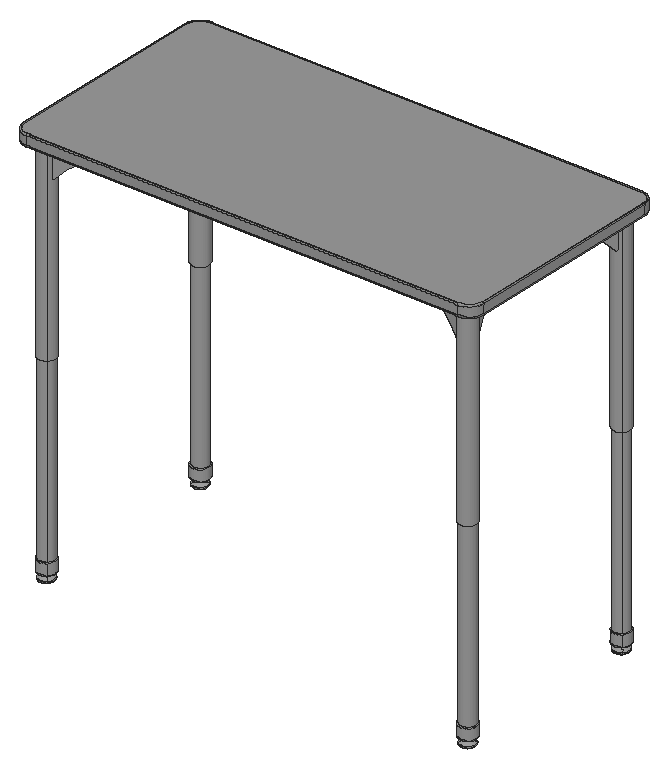
Revit family "Hierarchy Activity 48x24 Rectangle Table - Standing Height", category Furniture, Revit 2018
Family settings
  Work Plane-Based = No
  Always vertical = Yes
  Cut with Voids When Loaded = No
  Shared = No
  Room Calculation Point = No
Parameters
  Table Height = 3' - 5"
  Surface = Hierarchy Activity 48x24 Rectangle Table Standing Surface
  Leg Finish = Hierarchy Leg Platinum
  Edgeband = Hierarchy Activity 48x24 Rectangle Table Standing Edgeband
  Caster/Glide = Hierarchy Standing Leg - Glide : Hierarchy Standing Leg - Glide
Reference planes (in)
  plane 1 "Center (Front/Back)": y = 0
  plane 2: z = 0
  plane 3 "Center (Left/Right)": x = 0
  plane 4 "Table Height": z = 41
Dimensions and locks (in)
  "Table Height": plane 4 "Table Height" to level
  aligned and locked: plane 2 to level
  aligned and locked: nested 1 to plane 4 "Table Height"
Nested families (in)
  nested 1: "Activity 48x24 Tabletop" at (0, 0, 17.075), type "Activity 48x24 Tabletop"
  nested 2: "Hierarchy Standing Leg - Glide" at (-21.94926, 9.95495, 0) x (0.7071, 0.7071, 0) z (0, 0, 1), type <- "Caster/Glide", Leg Finish <- "Leg Finish", Leg Height <- "Table Height", type "Hierarchy Standing Leg - Glide"
  nested 3: "Hierarchy Standing Leg - Glide" at (-21.97249, -10.0597, 0) x (-0.7071, 0.7071, 0) z (0, 0, 1), type <- "Caster/Glide", Leg Finish <- "Leg Finish", Leg Height <- "Table Height", type "Hierarchy Standing Leg - Glide"
  nested 4: "Hierarchy Standing Leg - Glide" at (21.9797, -10.0597, 0) x (-0.7071, -0.7071, 0) z (0, 0, 1), Leg Finish <- "Leg Finish", Leg Height <- "Table Height", type "Hierarchy Standing Leg - Glide"
  nested 5: "Hierarchy Standing Leg - Glide" at (22.00293, 9.95495, 0) x (0.7071, -0.7071, 0) z (0, 0, 1), Leg Finish <- "Leg Finish", Leg Height <- "Table Height", type "Hierarchy Standing Leg - Glide"
Definition of nested family "Activity 48x24 Tabletop"
  Parameters (values of type "Activity 48x24 Tabletop")
    Surface = none
    Edgeband = none
  Reference planes (in)
    plane 1 "Center (Front/Back)": y = 0
    plane 2: z = 0
    plane 3 "Center (Left/Right)": x = 0
  Forms (in)
    Extrusion 1, solid, material <- "Surface"
      sketch origin (0, 0, 0) x (1, 0, 0) y (0, 1, 0)
        loop
          line (22.5, 11.88189) -> (-22.5, 11.88189)
          arc (-22.5, 11.88189) -> (-23.47714, 11.47714) -> (-23.88189, 10.5) r 1.38189
          line (-23.88189, 10.5) -> (-23.88189, -10.5)
          arc (-23.88189, -10.5) -> (-23.47714, -11.47714) -> (-22.5, -11.88189) r 1.38189
          line (-22.5, -11.88189) -> (22.5, -11.88189)
          arc (22.5, -11.88189) -> (23.47714, -11.47714) -> (23.88189, -10.5) r 1.38189
          line (23.88189, -10.5) -> (23.88189, 10.5)
          arc (23.88189, 10.5) -> (23.47714, 11.47714) -> (22.5, 11.88189) r 1.38189
      from 23.925 to 25.125
    Sweep 2, solid, material <- "Edgeband"
      path origin (0, 0, 0) x (1, 0, 0) y (0, 1, 0)
        loop
          line (22.5, 11.88189) -> (-22.5, 11.88189)
          arc (-22.5, 11.88189) -> (-23.47714, 11.47714) -> (-23.88189, 10.5) r 1.38189
          line (-23.88189, 10.5) -> (-23.88189, -10.5)
          arc (-23.88189, -10.5) -> (-23.47714, -11.47714) -> (-22.5, -11.88189) r 1.38189
          line (-22.5, -11.88189) -> (22.5, -11.88189)
          arc (22.5, -11.88189) -> (23.47714, -11.47714) -> (23.88189, -10.5) r 1.38189
          line (23.88189, -10.5) -> (23.88189, 10.5)
          arc (23.88189, 10.5) -> (23.47714, 11.47714) -> (22.5, 11.88189) r 1.38189
      profile origin (0, 11.88189, 0) x (0, -1, 0) y (0, 0, 1)
        loop
          arc (-0.11811, 24.04311) -> (-0.08352, 23.95959) -> (0, 23.925) r 0.11811
          line (0, 23.925) -> (0, 25.125)
          arc (0, 25.125) -> (-0.08352, 25.09041) -> (-0.11811, 25.00689) r 0.11811
          line (-0.11811, 25.00689) -> (-0.11811, 24.04311)
  Dimensions and locks (in)
    aligned and locked: plane 2 to level
Definition of nested family "Hierarchy Standing Leg - Glide"
  Parameters (values of type "Hierarchy Standing Leg - Glide")
    Leg Finish [instance] = none
    Leg Height [instance] = 3' - 5"
  Reference planes (in)
    plane 1 "Center (Front/Back)": y = 0
    plane 2: z = 0
    plane 3 "Center (Left/Right)": x = 0
  Forms (in)
    Extrusion 1, solid
      sketch origin (-0.01562, 0, 0) x (1, 0, 0) y (0, 1, 0)
        loop
          circle (0.01563, 0) r 0.79147
      from 2 to 23.175
    Revolve 2, solid
      sketch origin (0, 0, 0) x (1, 0, 0) y (0, 0, 1)
        loop
          line (0, 2) -> (0, 0.74937) -> (0.84838, 0.74937)
          arc (0.84838, 0.74937) -> (0.89342, 0.76803) -> (0.91207, 0.81306) r 0.06369
          line (0.91207, 0.81306) -> (0.91207, 1.93631)
          arc (0.91207, 1.93631) -> (0.89342, 1.98134) -> (0.84838, 2) r 0.06369
          line (0.84838, 2) -> (0, 2)
        axis (0, 2) -> (0, 0.74937)
      angle from 0 to 360
    Revolve 3, solid
      sketch origin (0, 0, 0) x (1, 0, 0) y (0, 0, 1)
        loop
          line (0, 0.75) -> (0, 0) -> (0.74583, 0) -> (0.79147, 0.09013) -> (0.79147, 0.16241) -> (0.12474, 0.5) -> (0.12474, 0.75) -> (0, 0.75)
        axis (0, 0.75) -> (0, 0)
      angle from 0 to 360
  Dimensions and locks (in)
    "Leg Height": nested 1 to level
    aligned and locked: plane 2 to level
  Automatic sketch dimensions
    plane 1 "Center (Front/Back)" to Extrusion 1 sketch curve = 0' - 0"
    Extrusion 1 sketch curve to plane 3 "Center (Left/Right)" = 0' - 0"
    Revolve 2 sketch curve to plane 3 "Center (Left/Right)" = 0' - 0"  (x2)
    plane 3 "Center (Left/Right)" to Revolve 2 sketch curve = 0' - 0.84838"
    Revolve 2 sketch curve to Revolve 2 sketch curve = 0' - 0.84838"
    Revolve 2 sketch curve to Revolve 2 sketch curve = 0' - 0.06369"
    level to Revolve 2 sketch curve = 0' - 0.74937"
    Revolve 2 sketch curve to Revolve 2 sketch curve = 0' - 1.12324"
    Revolve 2 sketch curve to Revolve 2 sketch curve = 0' - 0.13731"
    Revolve 2 sketch curve to Revolve 2 sketch curve = 0' - 0 3/4"
    Revolve 3 sketch curve to plane 3 "Center (Left/Right)" = 0' - 0"  (x2)
    Revolve 3 sketch curve to level = 0' - 0"
    plane 3 "Center (Left/Right)" to Revolve 3 sketch curve = 0' - 0.12474"
    plane 3 "Center (Left/Right)" to Revolve 3 sketch curve = 0' - 0.74583"
    Revolve 3 sketch curve to Revolve 3 sketch curve = 0' - 0.04564"
    level to Revolve 3 sketch curve = 0' - 0.09013"
    Revolve 3 sketch curve to Revolve 3 sketch curve = 0' - 0.07228"
    level to Revolve 3 sketch curve = 0' - 0 1/2"
    Revolve 3 sketch curve to Revolve 3 sketch curve = 0' - 0 1/4"
    Revolve 3 sketch curve to level = 0' - 0 1/8"
    Revolve 3 sketch curve to Revolve 3 sketch curve = 0' - 0 1/8"
    radius of Extrusion 1 sketch curve = 0' - 0.79147"
  Nested families (in)
    nested 1: "Hierarchy Standing Upper Leg 2023" at (0, 0, 0.19983), Leg Finish <- "Leg Finish", type "Hierarchy Standing Upper Leg 2023"
      with Leg Finish none
  Definition of nested family "Hierarchy Standing Upper Leg 2023"
    Parameters (values of type "Hierarchy Standing Upper Leg 2023")
      Leg Finish [instance] = none
    Reference planes (in)
      plane 1 "Center (Front/Back)": y = 0
      plane 2: z = 0
      plane 3 "Center (Left/Right)": x = 0
    Forms (in)
      Extrusion 1, solid, material <- "Leg Finish"
        sketch origin (0, 0, 0) x (1, 0, 0) y (0, 1, 0)
          loop
            circle (0, 0) r 0.9129
        from 20.67418 to 40.67418
      Extrusion 2, solid, material <- "Leg Finish"
        sketch origin (0, 0, 12.998) x (1, 0, 0) y (0, 1, 0)
          loop
            line (-1.70174, 0.19183) -> (-3.96611, -4.49738)
            arc (-3.96611, -4.49738) -> (-3.91977, -5.33444) -> (-3.18615, -5.74016) r 0.86614
            line (-3.18615, -5.74016) -> (3.18615, -5.74016)
            arc (3.18615, -5.74016) -> (3.91977, -5.33444) -> (3.96611, -4.49738) r 0.86614
            line (3.96611, -4.49738) -> (1.70174, 0.19183)
            arc (1.70174, 0.19183) -> (0, 1.25984) -> (-1.70174, 0.19183) r 1.88976
        from 27.67618 to 27.80217
      Extrusion 3, solid, material <- "Leg Finish"
        sketch origin (12.41967, 1.58692, 0) x (0.434844, 0.900506, 0) y (0, 0, 1)
          loop
            arc (-12.68776, 40.67418) -> (-12.80559, 40.56418) -> (-12.70394, 40.43908) r 0.11811
            arc (-12.70394, 40.43908) -> (-9.98192, 39.53509) -> (-7.76426, 37.71614) r 7.87402
            arc (-7.76426, 37.71614) -> (-7.63344, 37.68136) -> (-7.55587, 37.79229) r 0.11811
            line (-7.55587, 37.79229) -> (-7.55587, 40.67418) -> (-12.68776, 40.67418)
        from -11.10976 to -10.98378
      Extrusion 4, solid, material <- "Leg Finish"
        sketch origin (-12.41967, 1.58692, 0) x (-0.434844, 0.900506, 0) y (0, 0, -1)
          loop
            line (-12.68776, -40.67418) -> (-7.55587, -40.67418) -> (-7.55587, -37.79229)
            arc (-7.55587, -37.79229) -> (-7.63344, -37.68136) -> (-7.76426, -37.71614) r 0.11811
            arc (-7.76426, -37.71614) -> (-9.98192, -39.53509) -> (-12.70394, -40.43908) r 7.87402
            arc (-12.70394, -40.43908) -> (-12.80559, -40.56418) -> (-12.68776, -40.67418) r 0.11811
        from -11.10976 to -10.98378
    Dimensions and locks (in)
      aligned and locked: plane 2 to level
